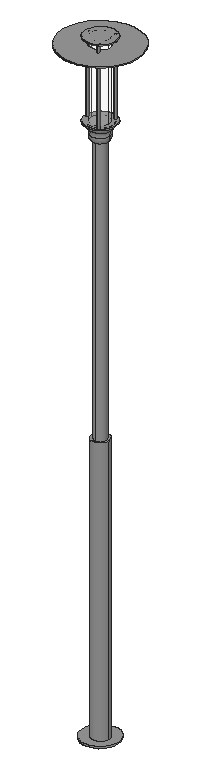
Revit family "svetilnik_alfresco_strit-b_dtu-08_os_i_dtu-08_ossv", category Осветительные приборы, Revit 2016
Family settings
  Тип детали = Нормальный
  Размер круглого соединителя = Использовать диаметр
  На основе рабочей плоскости = Нет
  Всегда вертикально = Да
  При загрузке вырезать с полостями = Нет
  Источник света = Да
  Общий = Нет
  Точка расчета площади = Нет
Parameters (values of type "Стрит В (ДТУ-08, ОССв) 50Вт")
  Watermarked By = ""
  built-in parameter 1150104 = 13.8 (stored number, unit not read)
  Цветовая температура = "3000-5500"  # constant formula
  built-in parameter 1150134 = 12
  Файл фотометрической сетки = "ДТУ-08-AF Street B 50W.ies"
  Угол наклона = 90.00°
  Тип продукции = "Комплект(Опора освещения+LED светильник)"  # constant formula
  Тип ПРА = "-"  # constant formula
  Тип КСС = "Sym"  # constant formula
  Тип ИС = "LED-светодиоды"  # constant formula
  Температура эксплуатации = "-35 +40"  # constant formula
  built-in parameter 1150137 = (empty or 0)
  built-in parameter 1150132 = 2
  built-in parameter 1150114 = 1 (stored number, unit not read)
  Dimming Lamp Color Temperature Shift = (empty or 0)
  built-in parameter 1150105 = 117.19 (stored number, unit not read)
  Сечение по фланцу = 240.00 mm
  Color Filter = 16777215
  Lumens = 6000 lm
  Световой поток = 6000 lm
  Разработано = "support@bimlib.ru"  # constant formula
  built-in parameter 1150109 = 1 (stored number, unit not read)
  built-in parameter 1150112 = 1 (stored number, unit not read)
  built-in parameter 1150110 = 1 (stored number, unit not read)
  built-in parameter 1150113 = 1 (stored number, unit not read)
  built-in parameter 1150115 = 1 (stored number, unit not read)
  built-in parameter 1114218 = 1 (stored number, unit not read)
  built-in parameter 1114217 = 1 (stored number, unit not read)
  Apparent Load = ADSK_Номинальная мощность / ADSK_Коэффициент мощности  # 51.5464 VA
  built-in parameter 1150106 = 1.1719 (stored number, unit not read)
  Область использования = "Ландшафт, коттедж.поселки,микрорайоны,АЗС, автостоянки"  # constant formula
  built-in parameter 1150133 = 10 (stored number, unit not read)
  Wattage = 40.3926 W
  Материал опоры = Сталь, окрашенная, черная
  built-in parameter 1150139 = (empty or 0)
  Климатическая зона = "УХЛ1"  # constant formula
  Класс пожароопасности = "F (светильники предназначены для установки непосредственно на поверхность из нормально воспламеняемых матеоиалов)"  # constant formula
  Класс Защиты = "1"  # constant formula
  built-in parameter 1150138 = (empty or 0)
  built-in parameter 1150107 = 4000 (stored number, unit not read)
  built-in parameter 1150102 = (empty or 0)
  Emit from Circle Diameter = 120.00 mm
  Изготовитель = "ALFRESCO"  # constant formula
  Видимая форма излучения при визуализации = no
  Блок аварийного питания = no
  URL = "http://www.allfresco.ru/item/DTU-08-AF"
  IP Class = "IP 65"  # constant formula
  Dсв = 120.00 mm
  Dопн = 114.00 mm
  Dопв = 76.00 mm
  ADSK_Энергоэффективность = 120 lm/W  # constant formula
  ADSK_Ток = ADSK_Номинальная мощность / (ADSK_Коэффициент мощности * ADSK_Напряжение * sqrt(ADSK_Количество фаз числовое))  # 0.165676 A
  ADSK_Размер_Ширина = 500.00 mm
  ADSK_Размер_Длина = 500.00 mm
  ADSK_Размер_Высота = 4215.00 mm
  ADSK_Примечание [instance] = ""
  ADSK_Полная мощность = ADSK_Номинальная мощность / ADSK_Коэффициент мощности  # 51.5464 VA
  ADSK_Позиция [instance] = ""
  ADSK_Номинальная мощность = 50 W
  ADSK_Напряжение = 220 V
  ADSK_Наименование = "Стрит В (ДТУ-08, ОССв) 50Вт - св-к ДТУ-08-AF (02, PC прозр., Ш черное)  на опоре ОССв 3,6 ЧС"
  ADSK_Модель = "Стрит-В (ДТУ-08, ОССв)"
  ADSK_Масса = 36
  ADSK_Коэффициент мощности = 0.97  # constant formula
  ADSK_Количество фаз числовое = 2
  ADSK_Количество фаз = 2
  ADSK_Код изделия = ""
  ADSK_Классификация нагрузок = Освещение
  ADSK_Завод-изготовитель [instance] = "ALFRESCO"
  ADSK_Единица измерения = "шт"  # constant formula
  ADSK_Артикул = "1105002250"
Types (5, lengths in mm): name | Файл фотометрической сетки | built-in parameter 1150105 | Lumens | Световой поток | Apparent Load | built-in parameter 1150106 | Wattage | Dопн | Dопв | ADSK_Ток | ADSK_Полная мощность | ADSK_Номинальная мощность | ADSK_Наименование | ADSK_Модель | ADSK_Масса | ADSK_Артикул
  (no name) | "ДТУ-08-AF Street B 50W.ies" | 117.19 (stored number, unit not read) | 6000 lm | 6000 lm | 51.5464 VA | 1.1719 (stored number, unit not read) | 40.3926 W | 114.00 | 76.00 | 0.165676 A | 51.5464 VA | 50 W | "Стрит В (ДТУ-08, ОССв) 50Вт - св-к ДТУ-08-AF (02, PC прозр., Ш черное)  на опоре ОССв 3,6 ЧС" | "Стрит-В (ДТУ-08, ОССв)" | 36 | "1105002250"
  Стрит В (ДТУ-08, ОС) 30Вт | "ДТУ-08-AF Street B 30W.ies" | 70 (stored number, unit not read) | 4200 lm | 4200 lm | 30.9278 VA | 0.7 (stored number, unit not read) | 28.2748 W | 102.00 | 102.00 | 0.0994058 A | 30.9278 VA | 30 W | "Стрит В (ДТУ-08, ОС) 30Вт - св-к ДТУ-08-AF (02, PC прозр., Ш черное) на опоре ОС 3,6 ЧС" | "Стрит-А(ДТУ-07, ОС)" | 36 | "1105001040"
  Стрит В (ДТУ-08, ОССв) 30Вт | "ДТУ-08-AF Street B 30W.ies" | 70 (stored number, unit not read) | 4200 lm | 4200 lm | 30.9278 VA | 0.7 (stored number, unit not read) | 28.2748 W | 114.00 | 76.00 | 0.0994058 A | 30.9278 VA | 30 W | "Стрит В (ДТУ-08, ОССв) 30Вт - св-к ДТУ-08-AF (02, PC прозр., Ш черное)  на опоре ОССв 3,6 ЧС" | "Стрит-В (ДТУ-08, ОССв)" | 35 | "1105001251"
  Стрит В (ДТУ-08, ОС) 50Вт | "ДТУ-08-AF Street B 50W.ies" | 117.19 (stored number, unit not read) | 6000 lm | 6000 lm | 51.5464 VA | 1.1719 (stored number, unit not read) | 40.3926 W | 102.00 | 102.00 | 0.165676 A | 51.5464 VA | 50 W | "Стрит В (ДТУ-08, ОС) 50Вт - св-к ДТУ-08-AF (02, PC прозр., Ш черное) на опоре ОС 3,6 ЧС" | "Стрит-В (ДТУ-08, ОС)" | 37 | "1105002240"
  Стрит В (ДТУ-08, ОССв) 50Вт | "ДТУ-08-AF Street B 50W.ies" | 117.19 (stored number, unit not read) | 6000 lm | 6000 lm | 51.5464 VA | 1.1719 (stored number, unit not read) | 40.3926 W | 114.00 | 76.00 | 0.165676 A | 51.5464 VA | 50 W | "Стрит В (ДТУ-08, ОССв) 50Вт - св-к ДТУ-08-AF (02, PC прозр., Ш черное)  на опоре ОССв 3,6 ЧС" | "Стрит-В (ДТУ-08, ОССв)" | 36 | "1105002250"
Reference planes
  plane 1 "По центру (Вперед/Назад)": y = 0
  plane 2: z = 0
  plane 3 "По центру (Влево/Вправо)": x = 0
  plane 4: z = 4215
  plane 5: z = 3600
  plane 6: y = 250
  plane 7: y = -250
  plane 8: z = 4165
  plane 9: z = 1800
  plane 10: z = 3705
Forms (mm)
  Extrusion 1, solid, material "Сталь, окрашенная, черная" <- "Материал опоры", detail levels medium+fine
    sketch origin (0, 0, 0) x (1, 0, 0) y (0, 1, 0)
      loop
        circle (0, 0) r 120
    from 0 to 10
  Extrusion 2, solid, material "Сталь, окрашенная, черная" <- "Материал опоры", detail levels medium+fine
    sketch origin (0, 0, 0) x (1, 0, 0) y (0, 1, 0)
      loop
        circle (0, 0) r 57
    from 0 to 1800
  Extrusion 3, solid, material "Плафон самосвечение", detail levels medium+fine
    sketch origin (0, 0, 0) x (1, 0, 0) y (0, 1, 0)
      loop
        circle (0, 0) r 60
    from 3705 to 4215
  Extrusion 4, solid, material "Сталь, окрашенная, черная" <- "Материал опоры", detail levels medium+fine
    sketch origin (-50, -1524, 4165) x (-1, 0, 0) y (0, -1, 0)
      loop
        circle (-50, -1524) r 250
      loop
        circle (-50, -1524) r 70
    from 0 to 5
  Extrusion 5, solid, material "Сталь, окрашенная, черная" <- "Материал опоры", detail levels medium+fine
    sketch origin (1839.148, -1524, 3600) x (0, -1, 0) y (-1, 0, 0)
      loop
        circle (-1595.935, 1792.834) r 8
      loop
        circle (-1524, 1925.148) r 8
      loop
        circle (-1452.065, 1792.834) r 8
    from -105 to -615
  Extrusion 6, solid, material "Сталь, окрашенная, черная" <- "Материал опоры", detail levels medium+fine
    sketch origin (1839.148, -1524, 3600) x (0, -1, 0) y (-1, 0, 0)
      loop
        circle (-1524, 1839.148) r 38
    from 0 to 1800
  Extrusion 7, solid, material "Сталь, окрашенная, черная" <- "Материал опоры", detail levels medium+fine
    sketch origin (-50, -1524, 4215) x (-1, 0, 0) y (0, -1, 0)
      loop
        circle (-50, -1524) r 100
    from 0 to 3
  Extrusion 8, solid, material "Сталь, окрашенная, черная" <- "Материал опоры", detail levels medium+fine
    sketch origin (1839.148, -1524, 3705) x (0, -1, 0) y (-1, 0, 0)
      loop
        circle (-1524, 1839.148) r 100
    from 0 to -3
  Revolve 9, solid, material "Сталь, окрашенная, черная" <- "Материал опоры", detail levels medium+fine
    sketch origin (0, 0, 0) x (1, 0, 0) y (0, 0, 1)
      loop
        line (0, 3600) -> (54, 3600)
        arc (54, 3600) -> (61.369, 3617.97) -> (61.883, 3637.385) r 53.839
        arc (61.883, 3637.385) -> (62.838, 3655.247) -> (70.941, 3671.193) r 43.235
        arc (70.941, 3671.193) -> (79.045, 3687.139) -> (80, 3705) r 43.235
        line (80, 3705) -> (0, 3705) -> (0, 3600)
      axis (0, 3705) -> (0, 3600)
    angle from 0 to 360
Cuts and joins
  joined: Extrusion 4, Extrusion 5, Extrusion 7, Extrusion 8
Lines and regions (mm)
  model lines, detail levels coarse
    curve 1: line (0, 0, 0) -> (0, 0, 4218)
    curve 2: circle (0, 0, 4170) r 250 normal (0, 0, 1)
  symbolic lines, style "LightingFixtures"
    curve 3: circle (0, 0, 0) r 250 normal (0, 0, 1)
    curve 4: line (-120, 219.317, 0) -> (-120, -219.317, 0)
    curve 5: line (120, 219.317, 0) -> (120, -219.317, 0)
Dimensions and locks
  "ADSK_Размер_Высота": plane 4 to plane 2
  equal spacing: plane 6, plane 1 "По центру (Вперед/Назад)", plane 7
  "ADSK_Размер_Ширина": plane 6 to plane 7
  plane 4 to plane 5 = 615.00 mm
  plane 4 to plane 10 = 510.00 mm
  plane 5 to level = 3600.00 mm
  "Сечение по фланцу": diameter of Extrusion 1 sketch curve
  diameter of Extrusion 2 = 114.00 mm
  "Dопн": diameter of Extrusion 2 sketch curve
  "Dсв": diameter of Extrusion 3 sketch curve
  "Dопв": diameter of Extrusion 6 sketch curve
  aligned and locked: level to plane 2
  aligned and locked: plane 1 "По центру (Вперед/Назад)" to imposter light
  aligned and locked: Extrusion 2 to level
  aligned and locked: Extrusion 1 to level
  aligned and locked: imposter light to plane 3 "По центру (Влево/Вправо)"
  aligned and locked: plane 4 to Extrusion 5
  aligned and locked: plane 8 to imposter light
  aligned and locked: plane 4 to Extrusion 3
  aligned and locked: Extrusion 2 to plane 9
  aligned and locked: Extrusion 6 to Extrusion 2
  aligned and locked: Extrusion 6 to plane 5
  aligned and locked: plane 10 to Extrusion 3
  aligned and locked: Extrusion 5 to Extrusion 3
  aligned and locked: Revolve 9 sketch curve to plane 3 "По центру (Влево/Вправо)"
Automatic sketch dimensions
  plane 1 "По центру (Вперед/Назад)" to Extrusion 7 sketch curve = 0.00 mm
  Extrusion 7 sketch curve to plane 3 "По центру (Влево/Вправо)" = 0.00 mm
  Extrusion 4 sketch curve to Extrusion 4 sketch curve = 0.00 mm  (x2)
  plane 1 "По центру (Вперед/Назад)" to Extrusion 4 sketch curve = 0.00 mm
  Extrusion 4 sketch curve to plane 3 "По центру (Влево/Вправо)" = 0.00 mm
  plane 1 "По центру (Вперед/Назад)" to Extrusion 8 sketch curve = 0.00 mm
  Extrusion 8 sketch curve to plane 3 "По центру (Влево/Вправо)" = 0.00 mm
  plane 1 "По центру (Вперед/Назад)" to Extrusion 5 sketch curve = 0.00 mm
  Extrusion 5 sketch curve to plane 1 "По центру (Вперед/Назад)" = 71.935 mm
  plane 1 "По центру (Вперед/Назад)" to Extrusion 5 sketch curve = 71.935 mm
  Extrusion 5 sketch curve to plane 3 "По центру (Влево/Вправо)" = 86.00 mm
  plane 3 "По центру (Влево/Вправо)" to Extrusion 5 sketch curve = 46.314 mm  (x2)
  Revolve 9 sketch curve to plane 3 "По центру (Влево/Вправо)" = 0.00 mm
  Revolve 9 sketch curve to plane 10 = 0.00 mm
  Revolve 9 sketch curve to plane 5 = 0.00 mm
  plane 3 "По центру (Влево/Вправо)" to Revolve 9 sketch curve = 8.688 mm
  plane 10 to Revolve 9 sketch curve = 6.671 mm
  plane 3 "По центру (Влево/Вправо)" to Revolve 9 sketch curve = 37.283 mm
  Revolve 9 sketch curve to Revolve 9 sketch curve = 42.717 mm
  Revolve 9 sketch curve to Revolve 9 sketch curve = 24.60 mm
  Revolve 9 sketch curve to plane 5 = 29.078 mm
  Revolve 9 sketch curve to plane 5 = 44.056 mm
  Revolve 9 sketch curve to Revolve 9 sketch curve = 45.312 mm
  Revolve 9 sketch curve to Revolve 9 sketch curve = 0.00 mm
  Revolve 9 sketch curve to level = 381.00 mm
  plane 4 to Revolve 9 sketch curve = 4025.282 mm
  plane 1 "По центру (Вперед/Назад)" to Extrusion 1 sketch curve = 0.00 mm
  Extrusion 1 sketch curve to plane 3 "По центру (Влево/Вправо)" = 0.00 mm
  plane 1 "По центру (Вперед/Назад)" to Extrusion 2 sketch curve = 0.00 mm
  Extrusion 2 sketch curve to plane 3 "По центру (Влево/Вправо)" = 0.00 mm
  plane 1 "По центру (Вперед/Назад)" to Extrusion 3 sketch curve = 0.00 mm
  Extrusion 3 sketch curve to plane 3 "По центру (Влево/Вправо)" = 0.00 mm
  plane 1 "По центру (Вперед/Назад)" to Extrusion 6 sketch curve = 0.00 mm
  Extrusion 6 sketch curve to plane 3 "По центру (Влево/Вправо)" = 0.00 mm
  curve 1 to plane 3 "По центру (Влево/Вправо)" = 0.00 mm
  curve 1 to level = 0.00 mm
  plane 4 to curve 1 = 3.00 mm
  plane 3 "По центру (Влево/Вправо)" to curve 3 = 0.00 mm
  plane 6 to curve 3 = 250.00 mm
  curve 4 to curve 3 = 120.00 mm
  curve 4 to curve 3 = 219.317 mm
  curve 4 to curve 5 = 0.00 mm
  radius of Extrusion 7 sketch curve = 100.00 mm
  radius of Extrusion 4 sketch curve = 250.00 mm
  radius of Extrusion 4 sketch curve = 70.00 mm
  radius of Extrusion 8 sketch curve = 100.00 mm
  radius of Extrusion 5 sketch curve = 8.00 mm  (x3)
  radius of curve 2 to Extrusion 4 = 0.00 mm
Connectors
  electrical at (0, 0, 0), driven by "ADSK_Количество фаз", driven by "ADSK_Классификация нагрузок", driven by "ADSK_Напряжение", driven by "Apparent Load", driven by "ADSK_Коэффициент мощности"
    settings: on Extrusion 2, index 1, voltage 220 V, apparent load 51.5464 VA, apparent load phase1 0 VA, apparent load phase2 0 VA, apparent load phase3 0 VA, power factor 0.97, load classification "Освещение", number of poles 2, system type 30, power factor state 1, is connector primary yes, connector utility no, sub classification motor no, connector description ""
